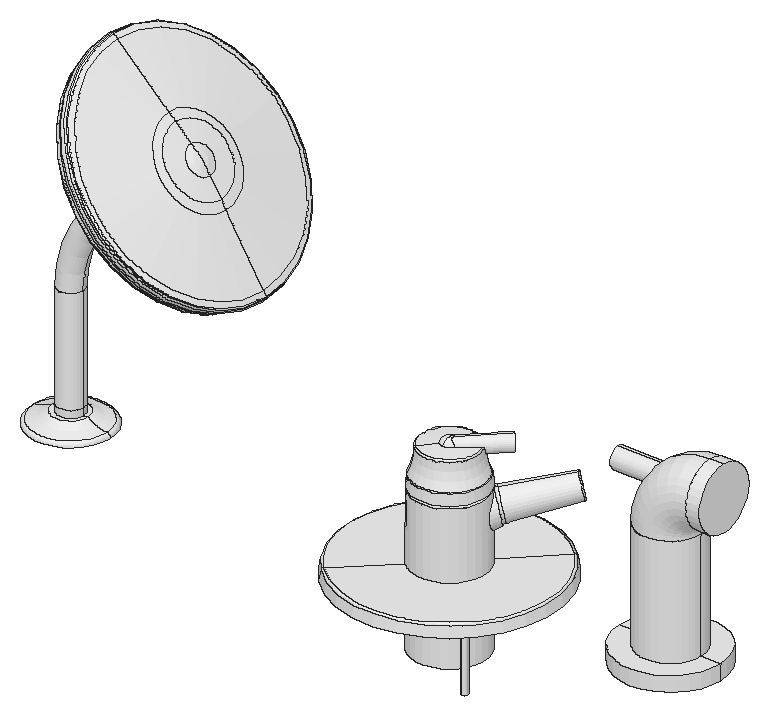
Revit family "Faucet-Delta-TRINSIC-TempAssure_17T_Series_H2Okinetic_Tub_and_Shower_Trim", category Plumbing Fixtures, host Face, Revit 2014
Parameters (values of type "T17T459-H2O")
  Width = 0' - 6 39/64"
  Warranty URL = "http://www.deltafaucet.com/customersupport/warranty.html"
  URL = "http://www.deltafaucet.com/"
  Series = "Trinsic"
  Product Page URL = "http://www.deltafaucet.com/bath/details/t17t459-h2o.html"
  Product Name = "TempAssure 17T Series H2Okinetic Tub and Shower Trim\r\n\r\nRead more: http://www.deltafaucet.com/bath/details/t17t459-h2o.html#ixzz44i7lEKyw"
  Product Documentation Link = "http://www.deltafaucet.com/customersupport/documentation/t17t459-h2o.html?document=ts&fromDetailArea=bath&documentIndex=0#flashWrapper"
  Model = "T17T459-H2O"
  Manufacturer = "DELTA"  # constant formula
  Hot Water Connection = 1/2"
  Height = 0' - 6 39/64"
  HWC R = Hot Water Connection / 2  # 1/4"
  Flow Rate = "2.00 gpm @ 80 psi | 7.6 L/min @ 550 kPa maximum water usage\r\n\r\nRead more: http://www.deltafaucet.com/bath/details/t17t459-h2o.html#ixzz44i7u1Kep"
  Finish = Chrome - DELTA - Polished
  Depth = 0' - 4.95199"
  Default Elevation = 3' - 9 1/4"
  Collection = ""
  Cold Water Connection = 1/2"
  CWC R = Cold Water Connection / 2  # 1/4"
  Actual Valve Water Flow = 0 GPM
  ADA Compliant = yes
Reference planes (in)
  plane 1 "Center (Front/Back)": y = 0
  plane 2: z = 0
  plane 3 "Center (Left/Right)": x = 0
  plane 4: x = -3.30469
  plane 5: x = 3.30469
  plane 6: y = 3.30469
  plane 7: y = -3.30469
  plane 8: z = 4.95199
  plane 9: y = 1.54958
  plane 10: y = -1.20042
  plane 11: x = -1
  plane 12: x = 1
  plane 13: z = -0.25
  plane 14: z = -2.62217
Forms (in)
  Revolve 1, solid, material "Chrome - DELTA - Polished" <- "Finish"
    sketch origin (-0.2917, -0.01173, 0.00583) x (-1, 0, 0) y (0, 0, 1)
      loop
        line (12.10771, 0.43541) -> (12.1147, 0.66) -> (12.1147, 3.975) -> (11.7087, 3.975) -> (11.7087, 0.03) -> (12.09508, 0.03) -> (12.09646, 0.07416) -> (12.95871, 0.07416)
        arc (12.95871, 0.07416) -> (12.92828, 0.16031) -> (12.85041, 0.20812) r 0.13688
        arc (12.85041, 0.20812) -> (12.54755, 0.29839) -> (12.26277, 0.43541) r 1.99273
        line (12.26277, 0.43541) -> (12.10771, 0.43541)
      axis (11.7087, 0.03) -> (11.7087, 3.975)
    angle from 0 to 360
  Sweep 2, solid, material "Chrome - DELTA - Polished" <- "Finish"
    path origin (-0.2917, -0.01173, 0.00583) x (-1, 0, 0) y (0, 0, 1)
      loop
        arc (10.48704, 6.58692) -> (11.38808, 5.4167) -> (11.7087, 3.975) r 3.40418
    profile origin (-12.0004, -0.01173, 3.98083) x (-1, 0, 0.000164) y (0, 1, 0)
      loop
        circle (0, 0) r 0.38712
  Revolve 3, solid, material "Chrome - DELTA - Polished" <- "Finish"
    sketch origin (-0.2917, -0.01173, 0.00583) x (-1, 0, 0) y (0, 0, 1)
      loop
        line (10.05297, 7.8484) -> (10.05053, 7.92056) -> (10.0361, 7.98375) -> (10.03844, 8.2245)
        arc (10.03844, 8.2245) -> (9.94556, 8.41006) -> (9.84448, 8.5913) r 4.64365
        arc (9.84448, 8.5913) -> (9.82684, 8.69693) -> (9.84399, 8.80264) r 0.3297
        arc (9.84399, 8.80264) -> (9.91582, 8.98512) -> (9.98676, 9.16796) r 40.09342
        line (9.98676, 9.16796) -> (10.007, 9.59054)
        arc (10.007, 9.59054) -> (10.03109, 9.71043) -> (10.06844, 9.82687) r 1.09112
        arc (10.06844, 9.82687) -> (10.42869, 10.38998) -> (10.75537, 10.97319) r 11.4199
        line (10.75537, 10.97319) -> (10.76214, 11.01445) -> (10.74061, 11.22135)
        arc (10.74061, 11.22135) -> (10.73191, 11.24999) -> (10.71316, 11.27331) r 0.07872
        line (10.71316, 11.27331) -> (10.58202, 11.38425) -> (10.61949, 11.42902) -> (10.55557, 11.51823)
        arc (10.55557, 11.51823) -> (10.5105, 11.56643) -> (10.45323, 11.5992) r 0.22141
        line (10.45323, 11.5992) -> (10.38172, 11.62854) -> (10.34718, 11.62133) -> (10.21139, 11.51926) -> (8.59145, 10.01202)
        arc (8.59145, 10.01202) -> (8.48027, 9.91744) -> (8.3712, 9.82042) r 6.58673
        arc (8.3712, 9.82042) -> (8.13525, 9.59336) -> (7.91244, 9.35339) r 5.82415
        arc (7.91244, 9.35339) -> (7.71734, 9.21616) -> (7.54989, 9.04627) r 1.32966
        line (7.54989, 9.04627) -> (9.85957, 7.11281) -> (10.07424, 7.36924) -> (9.8906, 7.52333) -> (9.876, 7.55702)
        arc (9.876, 7.55702) -> (9.87227, 7.59067) -> (9.86487, 7.6237) r 0.30888
        line (9.86487, 7.6237) -> (10.05297, 7.8484)
      axis (9.85957, 7.11281) -> (7.54989, 9.04627)
    angle from 0 to 360
  Revolve 4, solid, material "Chrome - DELTA - Polished" <- "Finish"
    sketch origin (-0.2917, -0.01173, 0.00583) x (-1, 0, 0) y (0, 0, 1)
      loop
        line (10.49306, 6.59413) -> (10.74727, 6.89843) -> (10.42322, 7.15254) -> (10.44305, 7.17617)
        arc (10.44305, 7.17617) -> (10.44901, 7.19868) -> (10.43793, 7.21916) r 0.03157
        line (10.43793, 7.21916) -> (10.12089, 7.4845) -> (9.83599, 7.14417) -> (10.49306, 6.59413)
      axis (10.49306, 6.59413) -> (9.83599, 7.14417)
    angle from 0 to 360
  Revolve 5, solid, material "Chrome - DELTA - Polished" <- "Finish"
    sketch origin (-0.20624, -0.20614, 0) x (-0.707107, -0.707107, 0) y (0, 0, 1)
      loop
        line (2.95867, 0) -> (2.90171, 0.32303)
        arc (2.90171, 0.32303) -> (2.88022, 0.36009) -> (2.83996, 0.37471) r 0.06273
        line (2.83996, 0.37471) -> (0.81975, 0.37471) -> (0.80881, 2.46) -> (0.63373, 2.46)
        arc (0.63373, 2.46) -> (0.59836, 2.47465) -> (0.58372, 2.51001) r 0.05001
        line (0.58372, 2.51001) -> (0.58372, 2.54082) -> (0.80547, 2.54082)
        arc (0.80547, 2.54082) -> (0.79243, 2.70506) -> (0.77782, 2.86918) r 17.1603
        arc (0.77782, 2.86918) -> (0.7744, 2.88729) -> (0.7677, 2.90446) r 0.09946
        arc (0.7677, 2.90446) -> (0.63305, 3.27603) -> (0.5884, 3.66871) r 1.68962
        arc (0.5884, 3.66871) -> (0.57863, 3.69501) -> (0.55396, 3.70834) r 0.03984
        arc (0.55396, 3.70834) -> (0.13285, 3.75042) -> (-0.29019, 3.76208) r 5.87566
        line (-0.29019, 3.76208) -> (-0.29019, -2.06898) -> (0.82148, -2.06898) -> (0.82148, 0) -> (2.95867, 0)
      axis (-0.29019, -2.06898) -> (-0.29019, 3.76208)
    angle from 0 to 360
  Revolve 6, solid, material "Chrome - DELTA - Polished" <- "Finish"
    sketch origin (-0.20624, -0.20614, 0) x (-0.707107, -0.707107, 0) y (0, 0, 1)
      loop
        line (-1.48223, 2.41431) -> (-3.49873, 2.70626)
        arc (-3.49873, 2.70626) -> (-3.52085, 2.70109) -> (-3.53407, 2.68263) r 0.03224
        line (-3.53407, 2.68263) -> (-3.60111, 2.32018) -> (-0.92684, 1.80036) -> (-0.92684, 2.46) -> (-1.3892, 2.46)
        arc (-1.3892, 2.46) -> (-1.42878, 2.42303) -> (-1.48223, 2.41431) r 0.09321
      axis (-3.6044, 2.32082) -> (-0.92684, 1.80036)
    angle from 0 to 360
  Sweep 7, solid, material "Chrome - DELTA - Polished" <- "Finish"
    path origin (-0.20624, -0.20614, 0) x (-0.707107, 0.707107, 0) y (-0.707107, -0.707107, 0)
      loop
        line (0, -1.90119) -> (0, -0.29176)
    profile origin (0.56909, 0.56918, 0) x (0.707107, -0.707107, 0) y (0, 0, 1)
      loop
        spline (0.00023, 3.91398) -> (-0.06448, 3.9052) -> (-0.12477, 3.87944) -> (-0.17655, 3.83848) -> (-0.21628, 3.78509) -> (-0.24125, 3.72292) -> (-0.24977, 3.6562) -> (-0.24125, 3.58948) -> (-0.21628, 3.52731) -> (-0.17655, 3.47393) -> (-0.12477, 3.43296) -> (-0.06448, 3.40721) -> (0.00023, 3.39842)
        spline (0.00023, 3.39842) -> (0.06493, 3.40721) -> (0.12523, 3.43296) -> (0.17701, 3.47393) -> (0.21673, 3.52731) -> (0.24171, 3.58948) -> (0.25023, 3.6562) -> (0.24171, 3.72292) -> (0.21673, 3.78509) -> (0.17701, 3.83848) -> (0.12523, 3.87944) -> (0.06493, 3.9052) -> (0.00023, 3.91398)
  Extrusion 8, solid, material "Chrome - DELTA - Polished" <- "Finish"
    sketch origin (0.28184, 0.00622, 0) x (0.000453, -1, 0) y (1, 0.000453, 0)
      loop
        circle (-0.83685, -1.44561) r 0.09389
      loop
        circle (0.83829, 0.86261) r 0.09389
    from -2.62217 to 0
  Revolve 9, solid, material "Chrome - DELTA - Polished" <- "Finish"
    sketch origin (0, 0, 0) x (1, 0, 0) y (0, 0, 1)
      loop
        line (5.40551, 0.47244) -> (5.40551, 0) -> (7, 0) -> (7, 3.93702) -> (6.02558, 3.93702) -> (6.02558, 0.47244) -> (5.40551, 0.47244)
      axis (7, 3.93702) -> (7, 0)
    angle from 0 to 360
  Sweep 10, solid, material "Chrome - DELTA - Polished" <- "Finish"
    path origin (0, 0, 0) x (1, 0, 0) y (0, 0, 1)
      loop
        arc (7, 3.93702) -> (7.36892, 4.82818) -> (8.25998, 5.19735) r 1.25998
        line (8.25998, 5.19735) -> (8.69291, 5.19735)
    profile origin (7, 0, 3.93702) x (-1, 0, -0.000278) y (0, -1, 0)
      loop
        circle (0.0011, 0) r 0.97442
  Revolve 11, solid, material "Chrome - DELTA - Polished" <- "Finish"
    sketch origin (0, 0, 0) x (1, 0, 0) y (0, 0, 1)
      loop
        line (5.34633, 5.51685) -> (5.34633, 5.19685) -> (6.90212, 5.19685) -> (6.90212, 5.51685) -> (5.34633, 5.51685)
      axis (6.90212, 5.19685) -> (5.34633, 5.19685)
    angle from 0 to 360
  Revolve 12, solid, material "Chrome - DELTA - Polished" <- "Finish"
    sketch origin (0.00007, -0.00016, 0) x (0.000414, 1, 0) y (0, 0, 1)
      loop
        arc (0.00016, 3.9127) -> (-0.27461, 3.63793) -> (0.00016, 3.36316) r 0.27477
        line (0.00016, 3.36316) -> (0.00016, 3.9127)
      axis (0.00016, 3.36316) -> (0.00016, 3.9127)
    angle from 0 to 360
Cuts and joins
  joined: Revolve 1, Sweep 2, Revolve 3, Revolve 4
  joined: Revolve 5, Revolve 6
Lines and regions (in)
  Masking region 1, detail levels coarse
    outline origin (0, 0, 0) x (1, 0, 0) y (0, 0, 1)
      loop
        line (3.25099, -0.39408) -> (3.25099, 3.91426) -> (-3.25095, 3.91426) -> (-3.25095, -0.39408) -> (-1.25997, -0.39408) -> (-1.25997, -2.62217) -> (1.53044, -2.62217) -> (1.53044, -0.39408) -> (3.25099, -0.39408)
      loop
        line (-5.78906, 11.62854) -> (-13.25163, 11.62854) -> (-13.25163, 0) -> (-5.78906, 0) -> (-5.78906, 11.62854)
  Masking region 2, detail levels medium+fine
    outline origin (0, 0, 0) x (1, 0, 0) y (0, 0, 1)
      loop
        line (-3.25082, 0) -> (3.25024, 0) -> (3.19328, 0.32303)
        arc (3.19328, 0.32303) -> (3.17179, 0.36009) -> (3.13153, 0.37471) r 0.06273
        line (3.13153, 0.37471) -> (-3.13211, 0.37471)
        arc (-3.13211, 0.37471) -> (-3.17237, 0.36009) -> (-3.19386, 0.32303) r 0.06273
        line (-3.19386, 0.32303) -> (-3.25082, 0)
  Masking region 3, detail levels medium+fine
    outline origin (0, 0, 0) x (1, 0, 0) y (0, 0, 1)
      loop
        line (1.34267, -2.06898) -> (1.34267, 0) -> (-0.82116, 0) -> (-0.82116, -2.06898) -> (1.34267, -2.06898)
  Masking region 4, detail levels medium+fine
    outline origin (0, 0, 0) x (1, 0, 0) y (0, 0, 1)
      loop
        line (1.53044, 0) -> (1.34267, 0) -> (1.34267, -2.62217) -> (1.53044, -2.62217) -> (1.53044, 0)
      loop
        line (-0.77874, -2.62217) -> (-0.77874, -2.06898) -> (-0.82116, -2.06898) -> (-0.82116, 0) -> (-0.96651, 0) -> (-0.96651, -2.62217) -> (-0.77874, -2.62217)
  Masking region 5, detail levels medium+fine
    outline origin (0, 0, 0) x (1, 0, 0) y (0, 0, 1)
      loop
        line (8.69291, 4.22402) -> (8.69291, 6.17187) -> (8.25998, 6.17187)
        arc (8.25998, 6.17187) -> (7.41229, 6.01065) -> (6.69416, 5.53226) r 2.17314
        arc (6.69416, 5.53226) -> (6.67855, 5.52666) -> (6.6628, 5.52146) r 0.66321
        line (6.6628, 5.52146) -> (5.34633, 5.51685) -> (5.34633, 4.87685) -> (6.16843, 4.87685)
        arc (6.16843, 4.87685) -> (6.20348, 4.86102) -> (6.20771, 4.82279) r 0.03883
        arc (6.20771, 4.82279) -> (6.07077, 4.38914) -> (6.02449, 3.93675) r 2.23403
        line (6.02449, 3.93675) -> (6.02449, 0.47244) -> (5.40551, 0.47244) -> (5.40551, 0) -> (8.59449, 0) -> (8.59449, 0.47244) -> (7.97332, 0.47244) -> (7.97332, 3.93737)
        arc (7.97332, 3.93737) -> (8.05728, 4.14006) -> (8.25998, 4.22402) r 0.28666
        line (8.25998, 4.22402) -> (8.69291, 4.22402)
  Masking region 6, detail levels coarse
    outline origin (0, 0, 0) x (1, 0, 0) y (0, 0, 1)
      loop
        line (5.34633, 6.17187) -> (5.34633, 0) -> (8.69291, 0) -> (8.69291, 6.17187) -> (5.34633, 6.17187)
  Masking region 7, detail levels medium+fine
    outline origin (0, 0, 0) x (1, 0, 0) y (0, 0, 1)
      loop
        line (-1.11099, 0.37471) -> (1.10891, 0.37471) -> (1.10891, 1.42885)
        arc (1.10891, 1.42885) -> (1.13853, 1.45765) -> (1.1632, 1.49079) r 0.25883
        line (1.1632, 1.49079) -> (2.45056, 1.93843)
        arc (2.45056, 1.93843) -> (2.47119, 1.94769) -> (2.48988, 1.9604) r 0.12939
        arc (2.48988, 1.9604) -> (2.51105, 1.97902) -> (2.5311, 1.99884) r 0.48247
        arc (2.5311, 1.99884) -> (2.55302, 2.02512) -> (2.57124, 2.05408) r 0.25644
        arc (2.57124, 2.05408) -> (2.58946, 2.09374) -> (2.60246, 2.13541) r 0.34052
        arc (2.60246, 2.13541) -> (2.61351, 2.20662) -> (2.61247, 2.27867) r 0.4283
        arc (2.61247, 2.27867) -> (2.60102, 2.35692) -> (2.58233, 2.43376) r 0.84749
        arc (2.58233, 2.43376) -> (2.5544, 2.50228) -> (2.51321, 2.56376) r 0.36451
        arc (2.51321, 2.56376) -> (2.47455, 2.60695) -> (2.43273, 2.6471) r 0.76401
        arc (2.43273, 2.6471) -> (2.38852, 2.67785) -> (2.3383, 2.69731) r 0.22657
        arc (2.3383, 2.69731) -> (2.29427, 2.70521) -> (2.24957, 2.70663) r 0.30723
        line (2.24957, 2.70663) -> (1.09463, 2.47117) -> (1.09463, 2.54082) -> (1.06845, 2.84424)
        arc (1.06845, 2.84424) -> (1.06244, 2.88376) -> (1.04919, 2.92148) r 0.21427
        arc (1.04919, 2.92148) -> (0.95933, 3.15533) -> (0.9002, 3.39877) r 1.94893
        line (0.9002, 3.39877) -> (1.14014, 3.39877)
        arc (1.14014, 3.39877) -> (1.1824, 3.40537) -> (1.21902, 3.42747) r 0.11087
        arc (1.21902, 3.42747) -> (1.25727, 3.46466) -> (1.2841, 3.51077) r 0.19645
        arc (1.2841, 3.51077) -> (1.29875, 3.55169) -> (1.30949, 3.59381) r 0.46196
        arc (1.30949, 3.59381) -> (1.31571, 3.65508) -> (1.30949, 3.71634) r 0.30451
        arc (1.30949, 3.71634) -> (1.29613, 3.77199) -> (1.2724, 3.82406) r 0.29852
        arc (1.2724, 3.82406) -> (1.24635, 3.85991) -> (1.21342, 3.88956) r 0.21197
        arc (1.21342, 3.88956) -> (1.17778, 3.90772) -> (1.13827, 3.91398) r 0.12786
        line (1.13827, 3.91398) -> (0.00023, 3.91398)
        arc (0.00023, 3.91398) -> (-0.14464, 3.87293) -> (-0.24357, 3.75944) r 0.26428
        arc (-0.24357, 3.75944) -> (-0.54612, 3.74219) -> (-0.84723, 3.70804) r 5.4176
        arc (-0.84723, 3.70804) -> (-0.87129, 3.69453) -> (-0.87991, 3.66832) r 0.03807
        arc (-0.87991, 3.66832) -> (-0.88454, 3.56203) -> (-0.89104, 3.45585) r 6.07442
        arc (-0.89104, 3.45585) -> (-0.95092, 3.18298) -> (-1.04919, 2.92148) r 1.94893
        arc (-1.04919, 2.92148) -> (-1.06244, 2.88376) -> (-1.06845, 2.84424) r 0.21427
        line (-1.06845, 2.84424) -> (-1.09994, 2.47921) -> (-1.11099, 0.37471)
  Masking region 8, detail levels medium+fine
    outline origin (-0.16824, 0, 0) x (1, 0, 0) y (0, 0, 1)
      loop
        line (-10.17797, 7.8484) -> (-9.98987, 7.6237)
        arc (-9.98987, 7.6237) -> (-9.99727, 7.59067) -> (-10.001, 7.55702) r 0.30888
        line (-10.001, 7.55702) -> (-10.0156, 7.52333) -> (-10.16997, 7.3938) -> (-10.24589, 7.4845) -> (-10.56293, 7.21916)
        arc (-10.56293, 7.21916) -> (-10.57401, 7.19868) -> (-10.56805, 7.17617) r 0.03157
        line (-10.56805, 7.17617) -> (-10.54822, 7.15254) -> (-10.87227, 6.89843)
        arc (-10.87227, 6.89843) -> (-11.90463, 5.59979) -> (-12.2397, 3.975) r 3.57529
        line (-12.2397, 3.975) -> (-12.2397, 0.66) -> (-12.23271, 0.43541) -> (-12.38777, 0.43541)
        arc (-12.38777, 0.43541) -> (-12.67255, 0.29839) -> (-12.97541, 0.20812) r 1.99273
        arc (-12.97541, 0.20812) -> (-13.05328, 0.16031) -> (-13.08371, 0.07416) r 0.13688
        line (-13.08371, 0.07416) -> (-12.22146, 0.07416) -> (-12.22008, 0.03) -> (-11.8337, 0.03) -> (-11.44731, 0.03) -> (-11.44593, 0.07416) -> (-10.58368, 0.07416)
        arc (-10.58368, 0.07416) -> (-10.61411, 0.16031) -> (-10.69198, 0.20812) r 0.13688
        arc (-10.69198, 0.20812) -> (-10.99484, 0.29839) -> (-11.27962, 0.43541) r 1.99273
        line (-11.27962, 0.43541) -> (-11.43469, 0.43541) -> (-11.4277, 0.66) -> (-11.4277, 3.975)
        arc (-11.4277, 3.975) -> (-11.15404, 5.23752) -> (-10.38218, 6.27343) r 3.04914
        line (-10.38218, 6.27343) -> (-10.05607, 6.56463) -> (-10.0363, 6.54095)
        arc (-10.0363, 6.54095) -> (-10.01519, 6.53112) -> (-9.99308, 6.53843) r 0.03157
        line (-9.99308, 6.53843) -> (-9.6761, 6.80384) -> (-9.74058, 6.88087) -> (-9.58592, 7.01004) -> (-9.55018, 7.01848)
        arc (-9.55018, 7.01848) -> (-9.5164, 7.01624) -> (-9.48259, 7.0177) r 0.30888
        line (-9.48259, 7.0177) -> (-9.29449, 6.793) -> (-9.22302, 6.78271) -> (-9.15828, 6.7858) -> (-8.9217, 6.74114)
        arc (-8.9217, 6.74114) -> (-8.72268, 6.79992) -> (-8.5265, 6.86753) r 4.64365
        arc (-8.5265, 6.86753) -> (-8.41941, 6.86631) -> (-8.31837, 6.83083) r 0.3297
        arc (-8.31837, 6.83083) -> (-8.15136, 6.72801) -> (-7.98386, 6.62601) r 40.09342
        line (-7.98386, 6.62601) -> (-7.57143, 6.53174)
        arc (-7.57143, 6.53174) -> (-7.45765, 6.48693) -> (-7.3496, 6.42968) r 1.09112
        arc (-7.3496, 6.42968) -> (-6.85866, 5.97597) -> (-6.34202, 5.55177) r 11.4199
        line (-6.34202, 5.55177) -> (-6.3026, 5.53785) -> (-6.09514, 5.52264)
        arc (-6.09514, 5.52264) -> (-6.06542, 5.52616) -> (-6.03916, 5.54053) r 0.07872
        line (-6.03916, 5.54053) -> (-5.90687, 5.6501) -> (-5.8694, 5.60534) -> (-5.77034, 5.65256)
        arc (-5.77034, 5.65256) -> (-5.71496, 5.68844) -> (-5.67262, 5.73905) r 0.22141
        line (-5.67262, 5.73905) -> (-5.63116, 5.80428) -> (-5.63218, 5.83956) -> (-5.70876, 5.99118) -> (-6.90747, 7.85105)
        arc (-6.90747, 7.85105) -> (-6.98101, 7.97714) -> (-7.05733, 8.10157) r 6.58673
        arc (-7.05733, 8.10157) -> (-7.23933, 8.37379) -> (-7.43635, 8.63535) r 5.82415
        arc (-7.43635, 8.63535) -> (-7.53712, 8.85155) -> (-7.67489, 9.04627) r 1.32966
        arc (-7.67489, 9.04627) -> (-7.84234, 9.21616) -> (-8.03744, 9.35339) r 1.32966
        arc (-8.03744, 9.35339) -> (-8.26025, 9.59336) -> (-8.4962, 9.82042) r 5.82415
        arc (-8.4962, 9.82042) -> (-8.60527, 9.91744) -> (-8.71645, 10.01202) r 6.58673
        line (-8.71645, 10.01202) -> (-10.33639, 11.51926) -> (-10.47218, 11.62133) -> (-10.50672, 11.62854) -> (-10.57823, 11.5992)
        arc (-10.57823, 11.5992) -> (-10.6355, 11.56643) -> (-10.68057, 11.51823) r 0.22141
        line (-10.68057, 11.51823) -> (-10.74449, 11.42902) -> (-10.70702, 11.38425) -> (-10.83816, 11.27331)
        arc (-10.83816, 11.27331) -> (-10.85691, 11.24999) -> (-10.86561, 11.22135) r 0.07872
        line (-10.86561, 11.22135) -> (-10.88714, 11.01445) -> (-10.88037, 10.97319)
        arc (-10.88037, 10.97319) -> (-10.55369, 10.38998) -> (-10.19344, 9.82687) r 11.4199
        arc (-10.19344, 9.82687) -> (-10.15609, 9.71043) -> (-10.132, 9.59054) r 1.09112
        line (-10.132, 9.59054) -> (-10.11176, 9.16796)
        arc (-10.11176, 9.16796) -> (-10.04082, 8.98512) -> (-9.96899, 8.80264) r 40.09342
        arc (-9.96899, 8.80264) -> (-9.95184, 8.69693) -> (-9.96948, 8.5913) r 0.3297
        arc (-9.96948, 8.5913) -> (-10.07056, 8.41006) -> (-10.16344, 8.2245) r 4.64365
        line (-10.16344, 8.2245) -> (-10.1611, 7.98375) -> (-10.17553, 7.92056) -> (-10.17797, 7.8484)
  model lines
    curve 1: line (6.02558, 0, 3.93702) -> (7.97442, 0, 3.93702)
    curve 2: line (8.25998, 0, 6.17187) -> (8.25998, 0, 4.22283)
    curve 3: arc (7, 0, 3.93702) -> (7.36892, 0, 4.82818) -> (8.25998, 0, 5.19735) r 1.25998
Dimensions and locks (in)
  equal spacing: plane 6, plane 1 "Center (Front/Back)", plane 7
  equal spacing: plane 4, plane 3 "Center (Left/Right)", plane 5
  "Width": plane 4 to plane 5
  "Height": plane 6 to plane 7
  "Depth": plane 8 to level
  equal spacing: plane 11, plane 3 "Center (Left/Right)", plane 12
  locked: plane 11 to plane 12 at 2
  locked: level to plane 13 at 0.25
  locked: Masking region 6 sketch curve to plane 2 at 6.17187
  Masking region 6 sketch curve to Masking region 6 sketch curve to plane 3 "Center (Left/Right)" = 0' - 3.34658" locked, 0' - 5.34633" locked
  plane 4 to Revolve 1 sketch curve to Revolve 1 sketch curve to Revolve 1 sketch curve to Revolve 1 sketch curve = 0' - 8.69571" locked, 0' - 0" locked, 0' - 0.406" locked, 0' - 0.70714" locked
  Revolve 1 sketch curve to Revolve 1 sketch curve to Revolve 1 sketch curve to Revolve 1 sketch curve to Revolve 1 sketch curve to plane 2 = 0' - 3.53959" locked, 0' - 0.36116" locked, 0' - 0.00009" locked, 0' - 0.04416" locked, 0' - 0.03584" locked
  Revolve 1 sketch curve to Revolve 1 sketch curve to Revolve 1 sketch curve to plane 1 "Center (Front/Back)" = 0' - 0", 0' - 0" locked, 0' - 0 3/256"
  locked: plane 1 "Center (Front/Back)" to cut or joined group of Revolve 1, Sweep 2, Revolve 3, Revolve 4 at 1.23829
  plane 3 "Center (Left/Right)" to Sweep 2 sketch curve to Sweep 2 sketch curve = 0' - 10.77874" locked, 0' - 1.22166" locked
  Sweep 2 sketch curve to Sweep 2 sketch curve to plane 2 = 0' - 2.61192" locked, 0' - 3.98083" locked
  locked: Sweep 2 sketch curve to plane 1 "Center (Front/Back)" at 0.01173
  locked: plane 1 "Center (Front/Back)" to Sweep 2 sketch curve at 0.37539
  locked: Sweep 2 sketch curve to plane 3 "Center (Left/Right)" at 12.0004
  plane 3 "Center (Left/Right)" to Revolve 3 sketch curve to Revolve 3 sketch curve to Revolve 3 sketch curve to Revolve 3 sketch curve to Revolve 3 sketch curve to Revolve 3 sketch curve = 0' - 7.86579" locked, 0' - 2.28549" locked, 0' - 0.12719" locked, 0' - 0.08747" locked, 0' - 0.30749" locked, 0' - 0.20029" locked
  Revolve 3 sketch curve to Revolve 3 sketch curve to Revolve 3 sketch curve to Revolve 3 sketch curve to Revolve 3 sketch curve to Revolve 3 sketch curve to Revolve 3 sketch curve to plane 8 = 0' - 0.24428" locked, 0' - 2.33798" locked, 0' - 0.82178" locked, 0' - 0.6008" locked, 0' - 0.25446" locked, 0' - 0.25643" locked, 0' - 2.16666" locked
  Revolve 3 sketch curve to Revolve 3 sketch curve to Revolve 3 sketch curve to Revolve 3 sketch curve to Revolve 3 sketch curve to plane 1 "Center (Front/Back)" = 0' - 0", 0' - 0", 0' - 0", 0' - 0" locked, 0' - 0 3/256"
  Revolve 3 sketch curve to Revolve 3 sketch curve to Revolve 3 sketch curve to plane 1 "Center (Front/Back)" = 0' - 0", 0' - 0" locked, 0' - 0 3/256"
  Revolve 3 sketch curve to Revolve 3 sketch curve to Revolve 3 sketch curve to Revolve 3 sketch curve to plane 1 "Center (Front/Back)" = 0' - 0", 0' - 0", 0' - 0" locked, 0' - 0 3/256"
  plane 8 to Revolve 4 sketch curve to Revolve 4 sketch curve to Revolve 4 sketch curve to Revolve 4 sketch curve to Revolve 4 sketch curve to Revolve 4 sketch curve = 0' - 1.64798" locked, 0' - 0.3043" locked, 0' - 0.24574" locked, 0' - 0.00837" locked, 0' - 0.06662" locked, 0' - 0.26534" locked
  plane 4 to Revolve 4 sketch curve to Revolve 4 sketch curve to Revolve 4 sketch curve to Revolve 4 sketch curve to Revolve 4 sketch curve to Revolve 4 sketch curve = 0' - 6.82301" locked, 0' - 0.2849" locked, 0' - 0.30233" locked, 0' - 0.01471" locked, 0' - 0.05513" locked, 0' - 0.25422" locked
  Revolve 4 sketch curve to Revolve 4 sketch curve to Revolve 4 sketch curve to Revolve 4 sketch curve to plane 1 "Center (Front/Back)" = 0' - 0", 0' - 0", 0' - 0" locked, 0' - 0 3/256"
  locked: Revolve 4 sketch curve to plane 1 "Center (Front/Back)" at 0.01173
  locked: Revolve 3 sketch curve to plane 1 "Center (Front/Back)" at 0.01173
  plane 3 "Center (Left/Right)" to Revolve 5 sketch curve to Revolve 5 sketch curve to Revolve 5 sketch curve to Revolve 5 sketch curve to Revolve 5 sketch curve to Revolve 5 sketch curve to Revolve 5 sketch curve = 0' - 0.00104", 0' - 0" locked, 0' - 0.77711" locked, 0' - 0.00774" locked, 0' - 0.00122" locked, 0' - 1.42728" locked, 0' - 0.08394" locked
  locked: Revolve 5 sketch curve to plane 3 "Center (Left/Right)" at 0.00104
  locked: plane 1 "Center (Front/Back)" to cut or joined group of Revolve 5, Revolve 6 at 3.24792
  Revolve 5 sketch curve to Revolve 5 sketch curve to Revolve 5 sketch curve to plane 2 = 0' - 0.09321" locked, 0' - 3.29416" locked, 0' - 0.37471" locked
  Revolve 6 sketch curve to Revolve 6 sketch curve to Revolve 6 sketch curve to Revolve 6 sketch curve to plane 3 "Center (Left/Right)" = 0' - 0.06943" locked, 0' - 1.43759" locked, 0' - 0.38398" locked, 0' - 0.44914" locked
  plane 8 to Revolve 6 sketch curve to Revolve 6 sketch curve to Revolve 6 sketch curve to Revolve 6 sketch curve = 0' - 2.2777" locked, 0' - 0.21429" locked, 0' - 0.13982" locked, 0' - 0.51983" locked
  plane 3 "Center (Left/Right)" to Revolve 6 sketch curve to Revolve 6 sketch curve = 0' - 0.27561" locked, 0' - 0.17353" locked
  plane 1 "Center (Front/Back)" to Revolve 6 sketch curve to Revolve 6 sketch curve = 0' - 0.2757" locked, 0' - 0.17353" locked
  plane 3 "Center (Left/Right)" to Sweep 7 sketch curve to Sweep 7 sketch curve = 0' - 0.00007" locked, 0' - 1.13804" locked
  plane 1 "Center (Front/Back)" to Sweep 7 sketch curve to Sweep 7 sketch curve = 0' - 0.00016" locked, 0' - 1.13804" locked
  locked: Sweep 7 sketch curve to plane 3 "Center (Left/Right)" at 0.56925
  locked: plane 8 to Sweep 7 sketch curve at 1.29579
  Extrusion 8 sketch curve to plane 11 to Extrusion 8 sketch curve = 0' - 0.07026" locked, 0' - 2.05094" locked
  Extrusion 8 sketch curve to plane 1 "Center (Front/Back)" to Extrusion 8 sketch curve = 0' - 0.73779" locked, 0' - 0.74854" locked
  locked: plane 2 to plane 14 at 2.62217
  Revolve 9 sketch curve to Revolve 9 sketch curve to Revolve 9 sketch curve to Revolve 9 sketch curve to plane 5 = 0' - 0" locked, 0' - 0.97442" locked, 0' - 0.62007" locked, 0' - 2.10082" locked
  Revolve 9 sketch curve to Revolve 9 sketch curve to plane 2 = 0' - 3.46458" locked, 0' - 0.47244" locked
  Sweep 10 sketch curve to plane 8 to Sweep 10 sketch curve = 0' - 0.24536" locked, 0' - 1.01497" locked
  Sweep 10 sketch curve to Sweep 10 sketch curve to Sweep 10 sketch curve to plane 5 = 0' - 0.43293" locked, 0' - 1.25998" locked, 0' - 3 89/128" locked
  locked: plane 1 "Center (Front/Back)" to Sweep 10 sketch curve at 0
  locked: plane 5 to Sweep 10 sketch curve at 3.69422
  Revolve 11 sketch curve to Revolve 11 sketch curve to plane 8 = 0' - 0.32" locked, 0' - 0.24486" locked
  Revolve 11 sketch curve to Revolve 11 sketch curve to plane 5 = 0' - 1.55579" locked, 0' - 2.04164" locked
  locked: Revolve 12 sketch curve to Revolve 12 sketch curve at 0
  locked: plane 8 to Revolve 12 sketch curve at 1.31406
  Revolve 12 sketch curve to Revolve 12 sketch curve to plane 3 "Center (Left/Right)" = 0' - 0" locked, 0' - 0.00007" locked
  locked: Revolve 12 sketch curve to plane 1 "Center (Front/Back)" at 0.27477
  plane 8 to Revolve 12 sketch curve = 0' - 1.31406"
  diameter of Extrusion 8 sketch curve = 0' - 0.18777"  (x2)
  aligned and locked: plane 2 to host face
  aligned and locked: level to host face
  aligned and locked: plane 2 to Masking region 6 sketch curve
  aligned and locked: Revolve 5 sketch curve to plane 2
  aligned and locked: plane 2 to Sweep 7 sketch curve
  aligned and locked: Extrusion 8 to plane 14
  aligned and locked: level to Extrusion 8
  aligned and locked: plane 2 to Revolve 9 sketch curve
  aligned and locked: plane 1 "Center (Front/Back)" to Revolve 9 sketch curve
  aligned and locked: Revolve 9 sketch curve to plane 1 "Center (Front/Back)"  (x2)
  aligned and locked: plane 1 "Center (Front/Back)" to Sweep 10 sketch curve  (x2)
  aligned and locked: Revolve 11 sketch curve to plane 1 "Center (Front/Back)"
  aligned and locked: plane 1 "Center (Front/Back)" to Revolve 11 sketch curve
  aligned and locked: plane 1 "Center (Front/Back)" to Revolve 12 sketch curve
Automatic sketch dimensions
  host sketch curve to host sketch curve = 8' - 0"  (x2)
  Revolve 1 sketch curve to Revolve 1 sketch curve = 0' - 0.38638"
  Revolve 1 sketch curve to Revolve 1 sketch curve = 0' - 0.00138"
  Revolve 1 sketch curve to Revolve 1 sketch curve = 0' - 0.01125"
  Revolve 1 sketch curve to Revolve 1 sketch curve = 0' - 0.15506"
  Revolve 1 sketch curve to Revolve 1 sketch curve = 0' - 0.13688"
  Revolve 1 sketch curve to Revolve 1 sketch curve = 0' - 1.15173"
  Revolve 1 sketch curve to Revolve 1 sketch curve = 0' - 0.22459"
  Revolve 1 sketch curve to Revolve 1 sketch curve = 0' - 1.49694"
  Revolve 1 sketch curve to Revolve 1 sketch curve = 0' - 0"
  Revolve 1 sketch curve to Revolve 1 sketch curve = 0' - 0.441"
  Sweep 2 sketch curve to plane 8 = 0' - 0.97171"
  Sweep 2 sketch curve to profile plane = 0' - 0"  (x2)
  plane 5 to Revolve 3 sketch curve = 1' - 11.83086"
  plane 11 to Revolve 3 sketch curve = 0' - 0.07535"
  plane 8 to Revolve 3 sketch curve = 0' - 1.29321"
  Revolve 3 sketch curve to Revolve 3 sketch curve = 0' - 1.7094"
  Revolve 3 sketch curve to Revolve 3 sketch curve = 0' - 1.04156"
  Revolve 3 sketch curve to Revolve 3 sketch curve = 0' - 0.99081"
  Revolve 3 sketch curve to Revolve 3 sketch curve = 0' - 0.29197"
  plane 8 to Revolve 3 sketch curve = 0' - 2.61087"
  Revolve 3 sketch curve to Revolve 3 sketch curve = 0' - 0.01113"
  plane 8 to Revolve 3 sketch curve = 0' - 2.57718"
  Revolve 3 sketch curve to Revolve 3 sketch curve = 0' - 0.0146"
  plane 8 to Revolve 3 sketch curve = 0' - 4.22181"
  Revolve 3 sketch curve to Revolve 3 sketch curve = 0' - 0.12189"
  plane 8 to Revolve 3 sketch curve = 0' - 4.64439"
  Revolve 3 sketch curve to Revolve 3 sketch curve = 0' - 0.02024"
  plane 8 to Revolve 3 sketch curve = 0' - 3.0376"
  Revolve 3 sketch curve to Revolve 3 sketch curve = 0' - 0.17123"
  Revolve 3 sketch curve to Revolve 3 sketch curve = 0' - 0.00234"
  plane 8 to Revolve 3 sketch curve = 0' - 2.97441"
  Revolve 3 sketch curve to Revolve 3 sketch curve = 0' - 0.01443"
  plane 8 to Revolve 3 sketch curve = 0' - 2.90224"
  Revolve 3 sketch curve to Revolve 3 sketch curve = 0' - 0.00244"
  Revolve 3 sketch curve to Revolve 3 sketch curve = 0' - 0.1181"
  Revolve 3 sketch curve to Revolve 3 sketch curve = 0' - 0.13578"
  Revolve 3 sketch curve to Revolve 3 sketch curve = 0' - 0.03455"
  Revolve 3 sketch curve to Revolve 3 sketch curve = 0' - 0.07151"
  Revolve 3 sketch curve to Revolve 3 sketch curve = 0' - 0.02645"
  Revolve 3 sketch curve to Revolve 3 sketch curve = 0' - 0.03747"
  Revolve 3 sketch curve to Revolve 3 sketch curve = 0' - 0.08029"
  Revolve 3 sketch curve to Revolve 3 sketch curve = 0' - 0.05085"
  Revolve 3 sketch curve to Revolve 3 sketch curve = 0' - 0.02745"
  plane 8 to Revolve 3 sketch curve = 0' - 6.02704"
  Revolve 3 sketch curve to Revolve 3 sketch curve = 0' - 0.01476"
  Revolve 3 sketch curve to Revolve 3 sketch curve = 0' - 0.00677"
  Revolve 3 sketch curve to Revolve 3 sketch curve = 0' - 1.0801"
  plane 8 to Revolve 3 sketch curve = 0' - 0.56583"
  Revolve 3 sketch curve to Revolve 3 sketch curve = 0' - 2.2159"
  plane 8 to Revolve 3 sketch curve = 0' - 0.00171"
  Revolve 3 sketch curve to Revolve 3 sketch curve = 0' - 0.51312"
  Revolve 3 sketch curve to Revolve 3 sketch curve = 0' - 0.6618"
  Revolve 3 sketch curve to Revolve 3 sketch curve = 0' - 0.4732"
  Revolve 3 sketch curve to Revolve 3 sketch curve = 0' - 0.15466"
  Revolve 3 sketch curve to Revolve 3 sketch curve = 0' - 0.96574"
  Revolve 3 sketch curve to Revolve 3 sketch curve = 0' - 0.04126"
  Revolve 3 sketch curve to Revolve 3 sketch curve = 0' - 0.00815"
  Revolve 3 sketch curve to Revolve 3 sketch curve = 0' - 0.11095"
  Revolve 3 sketch curve to Revolve 3 sketch curve = 0' - 0.00855"
  Revolve 3 sketch curve to Revolve 3 sketch curve = 0' - 0.04476"
  Revolve 3 sketch curve to Revolve 3 sketch curve = 0' - 0.08921"
  Revolve 3 sketch curve to Revolve 3 sketch curve = 0' - 0.12647"
  Revolve 3 sketch curve to Revolve 3 sketch curve = 0' - 0.02212"
  Revolve 3 sketch curve to Revolve 3 sketch curve = 0' - 0.00721"
  Revolve 3 sketch curve to Revolve 3 sketch curve = 0' - 7.21376"
  plane 8 to Revolve 3 sketch curve = 1' - 6.63271"
  Revolve 3 sketch curve to Revolve 3 sketch curve = 0' - 0.16751"
  Revolve 3 sketch curve to Revolve 3 sketch curve = 0' - 0.33835"
  Revolve 3 sketch curve to Revolve 3 sketch curve = 0' - 0.31255"
  Revolve 3 sketch curve to Revolve 3 sketch curve = 0' - 0.02025"
  Revolve 3 sketch curve to Revolve 3 sketch curve = 0' - 0.14022"
  Revolve 4 sketch curve to Revolve 4 sketch curve = 0' - 0.00556"
  plane 8 to Revolve 4 sketch curve = 0' - 2.23002"
  Revolve 4 sketch curve to Revolve 4 sketch curve = 0' - 0.01983"
  plane 8 to Revolve 4 sketch curve = 0' - 2.2661"
  Revolve 4 sketch curve to Revolve 4 sketch curve = 0' - 0.08133"
  plane 8 to Revolve 4 sketch curve = 0' - 2.17333"
  Revolve 4 sketch curve to Revolve 4 sketch curve = 0' - 0.02949"
  Masking region 2 sketch curve to level = 0' - 0"
  plane 4 to Masking region 2 sketch curve = 0' - 0.05386"
  Masking region 2 sketch curve to Masking region 2 sketch curve = 0' - 0.05696"
  Masking region 2 sketch curve to Masking region 2 sketch curve = 0' - 0.06175"  (x2)
  Masking region 2 sketch curve to plane 5 = 0' - 0.17316"
  Masking region 2 sketch curve to plane 5 = 0' - 0.05445"
  level to Masking region 2 sketch curve = 0' - 0.31198"
  Masking region 2 sketch curve to Masking region 2 sketch curve = 0' - 0.01106"  (x2)
  Masking region 4 sketch curve to level = 0' - 0"  (x2)
  plane 11 to Masking region 4 sketch curve = 0' - 0.03349"
  Masking region 4 sketch curve to Masking region 4 sketch curve = 0' - 0.18777"  (x2)
  Masking region 4 sketch curve to plane 12 = 0' - 0.34267"
  Masking region 4 sketch curve to Masking region 4 sketch curve = 0' - 0"
  Masking region 4 sketch curve to Masking region 4 sketch curve = 0' - 0.04242"
  Masking region 4 sketch curve to Masking region 4 sketch curve = 0' - 0.55319"
  Masking region 4 sketch curve to level = 0' - 2.06898"
  Masking region 3 sketch curve to level = 0' - 0"
  plane 11 to Masking region 3 sketch curve = 0' - 0.17884"
  Masking region 3 sketch curve to plane 12 = 0' - 0.34267"
  Masking region 3 sketch curve to plane 13 = 0' - 1.81898"
  Revolve 9 sketch curve to level = 0' - 0"
  Revolve 9 sketch curve to plane 13 = 0' - 0 1/4"
  curve 3 to plane 8 = 0' - 1.01462"
  plane 5 to curve 3 = 0' - 4.95529"
  curve 1 to curve 3 = 0' - 0.28556"
  curve 3 to curve 1 = 0' - 0.97442"
  curve 1 to curve 3 = 0' - 0.97442"
  curve 1 to plane 8 = 0' - 1.01497"
  curve 3 to curve 2 = 0' - 0.28546"
  curve 3 to curve 2 = 0' - 0.97452"
  Sweep 10 sketch curve to profile plane = 0' - 0.0011"
  profile plane to Sweep 10 sketch curve = 0' - 0.97332"
  Revolve 11 sketch curve to Revolve 11 sketch curve = 0' - 0.1094"
  Revolve 11 sketch curve to Revolve 11 sketch curve = 0' - 0"  (x2)
  Masking region 5 sketch curve to level = 0' - 0"
  plane 8 to Masking region 5 sketch curve = 0' - 0.56486"
  plane 5 to Masking region 5 sketch curve = 0' - 2.04164"
  plane 5 to Masking region 5 sketch curve = 0' - 2.10082"
  Masking region 5 sketch curve to Masking region 5 sketch curve = 0' - 0.67816"
  Masking region 5 sketch curve to plane 8 = 0' - 0.11379"
  Masking region 5 sketch curve to Masking region 5 sketch curve = 0' - 0.82574"
  Masking region 5 sketch curve to Masking region 5 sketch curve = 0' - 1.1163"
  plane 8 to Masking region 5 sketch curve = 0' - 0.56947"
  Masking region 5 sketch curve to Masking region 5 sketch curve = 0' - 0.20017"
  level to Masking region 5 sketch curve = 0' - 0.47244"
  Masking region 5 sketch curve to Masking region 5 sketch curve = 0' - 0.26075"
  Masking region 5 sketch curve to Masking region 5 sketch curve = 0' - 0.02444"
  Masking region 5 sketch curve to Masking region 5 sketch curve = 0' - 0.02591"
  Masking region 5 sketch curve to Masking region 5 sketch curve = 0' - 1.59718"
  Masking region 5 sketch curve to Masking region 5 sketch curve = 0' - 0.62117"
  Masking region 5 sketch curve to Masking region 5 sketch curve = 0' - 0.43293"
  Masking region 5 sketch curve to Masking region 5 sketch curve = 0' - 0.47244"
  Masking region 5 sketch curve to Masking region 5 sketch curve = 0' - 0.90145"
  Masking region 5 sketch curve to Masking region 5 sketch curve = 0' - 0.00062"
  Masking region 5 sketch curve to Masking region 5 sketch curve = 0' - 0.06151"
  Masking region 5 sketch curve to Masking region 5 sketch curve = 0' - 0.63228"
  plane 8 to Masking region 5 sketch curve = 0' - 1.21988"
  Masking region 5 sketch curve to Masking region 5 sketch curve = 0' - 0.00363"
  Masking region 5 sketch curve to Masking region 5 sketch curve = 0' - 0"
  Masking region 5 sketch curve to plane 8 = 0' - 0.07513"
  Revolve 5 sketch curve to level = 0' - 0"
  level to Revolve 5 sketch curve = 0' - 1.26481"
  Revolve 5 sketch curve to plane 13 = 0' - 1.81898"
  Revolve 5 sketch curve to Revolve 5 sketch curve = 1' - 4.01713"
  Revolve 5 sketch curve to Revolve 5 sketch curve = 0' - 0.04974"
  Revolve 5 sketch curve to Revolve 5 sketch curve = 0' - 0.83876"
  Revolve 5 sketch curve to Revolve 5 sketch curve = 0' - 0 9/256"
  Revolve 5 sketch curve to Revolve 5 sketch curve = 0' - 0.05001"
  Revolve 5 sketch curve to Revolve 5 sketch curve = 0' - 0.09508"
  Revolve 5 sketch curve to Revolve 5 sketch curve = 0' - 0.17174"
  level to Revolve 5 sketch curve = 0' - 2.46"
  Revolve 5 sketch curve to Revolve 5 sketch curve = 0' - 0.00334"
  level to Revolve 5 sketch curve = 0' - 0.37471"
  Revolve 5 sketch curve to Revolve 5 sketch curve = 0' - 0.01094"
  Revolve 5 sketch curve to Revolve 5 sketch curve = 0' - 0.00173"
  Revolve 5 sketch curve to Revolve 5 sketch curve = 0' - 1.72944"
  level to Revolve 5 sketch curve = 0' - 0.31198"
  Revolve 5 sketch curve to Revolve 5 sketch curve = 0' - 2.02021"
  level to Revolve 5 sketch curve = 0' - 0.32303"
  Revolve 5 sketch curve to Revolve 5 sketch curve = 0' - 0.05696"
  Revolve 5 sketch curve to Revolve 5 sketch curve = 0' - 0.04439"
  Revolve 5 sketch curve to Revolve 5 sketch curve = 0' - 0.0308"
  Revolve 5 sketch curve to Revolve 5 sketch curve = 0' - 0.31906"
  Revolve 5 sketch curve to plane 8 = 0' - 1.29005"
  Revolve 5 sketch curve to Revolve 5 sketch curve = 0' - 0.80899"
  Revolve 5 sketch curve to Revolve 5 sketch curve = 0' - 0.09321"
  Revolve 5 sketch curve to Revolve 5 sketch curve = 0' - 0"  (x4)
  Revolve 5 sketch curve to Revolve 5 sketch curve = 0' - 0.08926"
  Revolve 5 sketch curve to plane 8 = 0' - 0.58898"
  level to Revolve 6 sketch curve = 0' - 2.32018"
  Revolve 6 sketch curve to plane 8 = 0' - 2.26935"
  Revolve 6 sketch curve to Revolve 6 sketch curve = 0' - 0.06704"
  Revolve 6 sketch curve to Revolve 6 sketch curve = 0' - 0.03114"
  Revolve 6 sketch curve to plane 8 = 0' - 2.24573"
  Revolve 6 sketch curve to Revolve 6 sketch curve = 0' - 0.00419"
  level to Revolve 6 sketch curve = 0' - 2.41431"
  Revolve 6 sketch curve to Revolve 6 sketch curve = 0' - 2.0207"
  Revolve 6 sketch curve to Revolve 6 sketch curve = 0' - 0.01236"
  Revolve 6 sketch curve to Revolve 6 sketch curve = 0' - 0.08067"
  level to Revolve 6 sketch curve = 0' - 1.80036"  (x2)
  Revolve 6 sketch curve to Revolve 6 sketch curve = 0' - 0.46236"
  Revolve 6 sketch curve to Revolve 6 sketch curve = 0' - 0.04569"
  Revolve 6 sketch curve to Revolve 6 sketch curve = 0' - 0"
  level to Revolve 6 sketch curve = 0' - 1.75265"
  Revolve 6 sketch curve to Revolve 6 sketch curve = 0' - 0.24541"
  Sweep 7 sketch curve to profile plane = 0' - 0.00023"
  level to Sweep 7 sketch curve = 0' - 3.6562"
  Sweep 7 sketch curve to Sweep 7 sketch curve = 0' - 0.25778"
  Revolve 12 sketch curve to Revolve 12 sketch curve = 0' - 0.27477"
  Revolve 12 sketch curve to Revolve 12 sketch curve = 0' - 0"
  Revolve 12 sketch curve to Revolve 12 sketch curve = 0' - 0.05441"
  Masking region 1 sketch curve to level = 0' - 0"
  Masking region 1 sketch curve to plane 4 = 0' - 9.94694"
  Masking region 1 sketch curve to plane 4 = 0' - 2 31/64"
  plane 4 to Masking region 1 sketch curve = 0' - 0.05374"
  Masking region 1 sketch curve to plane 11 = 0' - 0.25997"
  Masking region 1 sketch curve to plane 13 = 0' - 0.14408"  (x2)
  Masking region 1 sketch curve to plane 12 = 0' - 0.53044"
  Masking region 1 sketch curve to plane 5 = 0' - 0.0537"
  Masking region 1 sketch curve to Masking region 1 sketch curve = 0' - 2.2281"
  Masking region 1 sketch curve to plane 8 = 0' - 1.03772"
  plane 8 to Masking region 1 sketch curve = 0' - 6.67655"
  Masking region 7 sketch curve to plane 8 = 0' - 1.07204"
  plane 4 to Masking region 7 sketch curve = 0' - 0.48497"
  Masking region 7 sketch curve to plane 11 = 0' - 0.11099"
  Masking region 7 sketch curve to plane 11 = 0' - 0.09994"
  Masking region 7 sketch curve to plane 11 = 0' - 0.06845"
  plane 11 to Masking region 7 sketch curve = 0' - 0.14547"
  plane 11 to Masking region 7 sketch curve = 0' - 0.15811"
  Masking region 7 sketch curve to plane 3 "Center (Left/Right)" = 0' - 0.08657"
  Masking region 7 sketch curve to plane 3 "Center (Left/Right)" = 0' - 0.00315"
  plane 3 "Center (Left/Right)" to Masking region 7 sketch curve = 0' - 0.00023"
  plane 12 to Masking region 7 sketch curve = 0' - 0.14547"
  plane 12 to Masking region 7 sketch curve = 0' - 0.14302"
  plane 12 to Masking region 7 sketch curve = 0' - 0.0998"
  plane 12 to Masking region 7 sketch curve = 0' - 0.05611"
  Masking region 7 sketch curve to plane 12 = 0' - 0.0112"
  Masking region 7 sketch curve to plane 12 = 0' - 0.01387"
  Masking region 7 sketch curve to plane 12 = 0' - 0.06845"
  Masking region 7 sketch curve to Masking region 7 sketch curve = 0' - 0.07496"
  Masking region 7 sketch curve to plane 12 = 0' - 0.09463"
  Masking region 7 sketch curve to plane 12 = 0' - 0.10246"
  Masking region 7 sketch curve to plane 12 = 0' - 0.10891"
  Masking region 7 sketch curve to Masking region 7 sketch curve = 0' - 0.04944"
  Masking region 7 sketch curve to plane 12 = 0' - 0.14014"
  Masking region 7 sketch curve to Masking region 7 sketch curve = 0' - 0.04202"
  Masking region 7 sketch curve to Masking region 7 sketch curve = 0' - 0.05429"
  Masking region 7 sketch curve to Masking region 7 sketch curve = 0' - 0.67448"
  Masking region 7 sketch curve to Masking region 7 sketch curve = 0' - 0.15586"
  Masking region 7 sketch curve to Masking region 7 sketch curve = 0' - 0.25704"
  Masking region 7 sketch curve to Masking region 7 sketch curve = 0' - 0.00424"
  Masking region 7 sketch curve to Masking region 7 sketch curve = 0' - 0.05055"
  Masking region 7 sketch curve to Masking region 7 sketch curve = 0' - 0.01701"
  Masking region 7 sketch curve to Masking region 7 sketch curve = 0' - 0.0296"
  Masking region 7 sketch curve to Masking region 7 sketch curve = 0' - 0.0853"
  Masking region 7 sketch curve to Masking region 7 sketch curve = 0' - 0.01999"
  Masking region 7 sketch curve to Masking region 7 sketch curve = 0' - 0.074"
  Masking region 7 sketch curve to Masking region 7 sketch curve = 0' - 0 1/16"
  Masking region 7 sketch curve to Masking region 7 sketch curve = 0' - 0.04249"
  Masking region 7 sketch curve to plane 5 = 0' - 0.48497"
  Masking region 7 sketch curve to plane 8 = 0' - 1.16587"
  Masking region 7 sketch curve to plane 8 = 0' - 1.21594"  (x2)
  Masking region 7 sketch curve to Masking region 7 sketch curve = 0' - 0.06805"
  Masking region 7 sketch curve to Masking region 7 sketch curve = 0' - 0.03132"
  Masking region 7 sketch curve to Masking region 7 sketch curve = 0' - 0.04328"
  Masking region 7 sketch curve to plane 8 = 0' - 1.28164"
  Masking region 7 sketch curve to Masking region 7 sketch curve = 0' - 0.01972"
  Masking region 7 sketch curve to Masking region 7 sketch curve = 0' - 0.02062"
  Masking region 7 sketch curve to Masking region 7 sketch curve = 0' - 0.06946"
  Masking region 7 sketch curve to Masking region 7 sketch curve = 0' - 0.07605"
  Masking region 7 sketch curve to Masking region 7 sketch curve = 0' - 0.11079"
  Masking region 7 sketch curve to Masking region 7 sketch curve = 0' - 0.82611"
  Masking region 7 sketch curve to Masking region 7 sketch curve = 0' - 0.55453"
  Masking region 7 sketch curve to Masking region 7 sketch curve = 0' - 0.01231"  (x2)
  Masking region 7 sketch curve to Masking region 7 sketch curve = 0' - 1.02942"
  Masking region 7 sketch curve to Masking region 7 sketch curve = 0' - 0.30342"
  Masking region 7 sketch curve to Masking region 7 sketch curve = 0' - 0.36503"
  Masking region 7 sketch curve to Masking region 7 sketch curve = 0' - 0.22883"
  Masking region 7 sketch curve to Masking region 7 sketch curve = 0' - 0.06965"
  Masking region 7 sketch curve to Masking region 7 sketch curve = 0' - 0.07815"
  Masking region 7 sketch curve to Masking region 7 sketch curve = 0' - 0.06778"
  Masking region 7 sketch curve to Masking region 7 sketch curve = 0' - 0.00071"
  Masking region 7 sketch curve to Masking region 7 sketch curve = 0' - 0.09538"
  Masking region 7 sketch curve to Masking region 7 sketch curve = 0' - 0.02072"
  Masking region 7 sketch curve to Masking region 7 sketch curve = 0' - 0.04128"
  Masking region 7 sketch curve to Masking region 7 sketch curve = 0' - 0.03993"
  Masking region 7 sketch curve to Masking region 7 sketch curve = 0' - 0.11898"
  Masking region 7 sketch curve to Masking region 7 sketch curve = 0' - 0.11521"
  Masking region 7 sketch curve to Masking region 7 sketch curve = 0' - 0.12221"
  Masking region 7 sketch curve to Masking region 7 sketch curve = 0' - 0.84292"
  Masking region 7 sketch curve to Masking region 7 sketch curve = 0' - 0.13746"
  level to Masking region 7 sketch curve = 0' - 0.37471"
  Masking region 7 sketch curve to Masking region 7 sketch curve = 0' - 0.26426"
  Masking region 7 sketch curve to Masking region 7 sketch curve = 0' - 0"  (x13)
  plane 11 to Masking region 7 sketch curve = 0' - 0.10896"
  Masking region 7 sketch curve to Masking region 7 sketch curve = 0' - 0.03802"
  Masking region 7 sketch curve to Masking region 7 sketch curve = 0' - 0.00535"
  Masking region 7 sketch curve to plane 3 "Center (Left/Right)" = 0' - 0.24357"
  Masking region 7 sketch curve to Masking region 7 sketch curve = 0' - 0.07888"
  Masking region 7 sketch curve to Masking region 7 sketch curve = 0' - 0.03932"
  level to Masking region 8 sketch curve = 0' - 2.15694"
  Masking region 8 sketch curve to plane 4 = 0' - 10.25497"
  level to Masking region 8 sketch curve = 0' - 0.07416"  (x2)
  Masking region 8 sketch curve to Masking region 8 sketch curve = 0' - 0.30771"
  Masking region 8 sketch curve to Masking region 8 sketch curve = 0' - 0.13688"  (x2)
  Masking region 8 sketch curve to plane 8 = 0' - 0.00413"
  Masking region 8 sketch curve to Masking region 8 sketch curve = 0' - 0.46317"
  Masking region 8 sketch curve to Masking region 8 sketch curve = 0' - 0.29458"
  plane 8 to Masking region 8 sketch curve = 0' - 0.56"
  Masking region 8 sketch curve to Masking region 8 sketch curve = 0' - 0.51312"
  Masking region 8 sketch curve to Masking region 8 sketch curve = 0' - 0.55907"  (x2)
  level to Masking region 8 sketch curve = 0' - 0.66"
  Masking region 8 sketch curve to Masking region 8 sketch curve = 0' - 0.14807"
  Masking region 8 sketch curve to Masking region 8 sketch curve = 0' - 0.15506"  (x2)
  Masking region 8 sketch curve to Masking region 8 sketch curve = 0' - 0.01125"  (x2)
  level to Masking region 8 sketch curve = 0' - 0.03"
  Masking region 8 sketch curve to Masking region 8 sketch curve = 0' - 0.00138"  (x2)
  plane 8 to Masking region 8 sketch curve = 0' - 0.04984"
  Masking region 8 sketch curve to Masking region 8 sketch curve = 0' - 0.42706"
  Masking region 8 sketch curve to Masking region 8 sketch curve = 0' - 0.38638"  (x2)
  Masking region 8 sketch curve to Masking region 8 sketch curve = 0' - 0.812"
  Masking region 8 sketch curve to Masking region 8 sketch curve = 0' - 1.20304"
  Masking region 8 sketch curve to Masking region 8 sketch curve = 0' - 0.32496"
  Masking region 8 sketch curve to Masking region 8 sketch curve = 0' - 0.00677"
  plane 8 to Masking region 8 sketch curve = 0' - 1.94644"
  Masking region 8 sketch curve to Masking region 8 sketch curve = 0' - 1.54286"
  Masking region 8 sketch curve to Masking region 8 sketch curve = 0' - 0.02153"
  Masking region 8 sketch curve to Masking region 8 sketch curve = 0' - 0.02745"
  Masking region 8 sketch curve to Masking region 8 sketch curve = 0' - 0.05085"
  Masking region 8 sketch curve to Masking region 8 sketch curve = 0' - 0.09367"
  level to Masking region 8 sketch curve = 0' - 0.07426"  (x2)
  Masking region 8 sketch curve to Masking region 8 sketch curve = 0' - 0.03747"  (x2)
  Masking region 8 sketch curve to Masking region 8 sketch curve = 0' - 0.06392"
  Masking region 8 sketch curve to Masking region 8 sketch curve = 0' - 0.10234"
  plane 8 to Masking region 8 sketch curve = 0' - 2.22419"
  Masking region 8 sketch curve to Masking region 8 sketch curve = 0' - 0.30422"
  plane 8 to Masking region 8 sketch curve = 0' - 2.26717"
  Masking region 8 sketch curve to Masking region 8 sketch curve = 0' - 0.00512"
  plane 8 to Masking region 8 sketch curve = 0' - 2.20055"
  Masking region 8 sketch curve to Masking region 8 sketch curve = 0' - 0.01983"
  Masking region 8 sketch curve to Masking region 8 sketch curve = 0' - 0.02539"
  Masking region 8 sketch curve to Masking region 8 sketch curve = 0' - 0.07151"
  Masking region 8 sketch curve to Masking region 8 sketch curve = 0' - 0.2089"
  Masking region 8 sketch curve to Masking region 8 sketch curve = 0' - 0.03455"
  plane 8 to Masking region 8 sketch curve = 0' - 1.32144"
  Masking region 8 sketch curve to Masking region 8 sketch curve = 0' - 0.4901"
  Masking region 8 sketch curve to Masking region 8 sketch curve = 0' - 0.13578"
  Masking region 8 sketch curve to Masking region 8 sketch curve = 0' - 0.93055"
  Masking region 8 sketch curve to Masking region 8 sketch curve = 0' - 1.15173"
  plane 8 to Masking region 8 sketch curve = 0' - 2.53251"
  Masking region 8 sketch curve to Masking region 8 sketch curve = 0' - 0.31704"
  plane 8 to Masking region 8 sketch curve = 0' - 2.89641"
  Masking region 8 sketch curve to Masking region 8 sketch curve = 0' - 0.06792"
  plane 8 to Masking region 8 sketch curve = 0' - 2.96858"
  Masking region 8 sketch curve to Masking region 8 sketch curve = 0' - 0.00244"
  plane 8 to Masking region 8 sketch curve = 0' - 2.44182"
  Masking region 8 sketch curve to Masking region 8 sketch curve = 0' - 0.07592"
  plane 8 to Masking region 8 sketch curve = 0' - 3.27251"
  Masking region 8 sketch curve to Masking region 8 sketch curve = 0' - 0.01209"
  plane 8 to Masking region 8 sketch curve = 0' - 3.03176"
  Masking region 8 sketch curve to Masking region 8 sketch curve = 0' - 0.01443"
  Masking region 8 sketch curve to Masking region 8 sketch curve = 0' - 0.19914"
  plane 8 to Masking region 8 sketch curve = 0' - 4.63856"
  Masking region 8 sketch curve to Masking region 8 sketch curve = 0' - 0.14955"
  plane 8 to Masking region 8 sketch curve = 0' - 4.21598"
  Masking region 8 sketch curve to Masking region 8 sketch curve = 0' - 0.02024"
  plane 8 to Masking region 8 sketch curve = 0' - 1.61264"
  Masking region 8 sketch curve to Masking region 8 sketch curve = 0' - 0.3261"
  plane 8 to Masking region 8 sketch curve = 0' - 1.58896"
  Masking region 8 sketch curve to Masking region 8 sketch curve = 0' - 0.01978"
  plane 8 to Masking region 8 sketch curve = 0' - 2.57134"
  Masking region 8 sketch curve to Masking region 8 sketch curve = 0' - 0.15436"
  Masking region 8 sketch curve to Masking region 8 sketch curve = 0' - 0.02294"
  plane 8 to Masking region 8 sketch curve = 0' - 2.60503"
  Masking region 8 sketch curve to Masking region 8 sketch curve = 0' - 0.0146"
  plane 8 to Masking region 8 sketch curve = 0' - 1.58644"
  Masking region 8 sketch curve to Masking region 8 sketch curve = 0' - 0.02027"
  plane 8 to Masking region 8 sketch curve = 0' - 2.67171"
  Masking region 8 sketch curve to Masking region 8 sketch curve = 0' - 0.01113"
  plane 8 to Masking region 8 sketch curve = 0' - 1.92888"
  Masking region 8 sketch curve to Masking region 8 sketch curve = 0' - 0.27277"
  Masking region 8 sketch curve to Masking region 8 sketch curve = 0' - 0.3084"
  plane 8 to Masking region 8 sketch curve = 0' - 1.85185"
  Masking region 8 sketch curve to Masking region 8 sketch curve = 0' - 0.06448"
  plane 8 to Masking region 8 sketch curve = 0' - 2.05805"
  Masking region 8 sketch curve to Masking region 8 sketch curve = 0' - 0.15467"
  plane 8 to Masking region 8 sketch curve = 0' - 2.06649"
  Masking region 8 sketch curve to Masking region 8 sketch curve = 0' - 0.03573"
  Masking region 8 sketch curve to Masking region 8 sketch curve = 0' - 0.17974"
  plane 8 to Masking region 8 sketch curve = 0' - 2.06572"
  Masking region 8 sketch curve to Masking region 8 sketch curve = 0' - 0.0676"
  plane 8 to Masking region 8 sketch curve = 0' - 1.84102"
  Masking region 8 sketch curve to Masking region 8 sketch curve = 0' - 0.1881"
  plane 8 to Masking region 8 sketch curve = 0' - 1.83072"
  Masking region 8 sketch curve to Masking region 8 sketch curve = 0' - 0.07147"
  plane 8 to Masking region 8 sketch curve = 0' - 1.83381"
  Masking region 8 sketch curve to Masking region 8 sketch curve = 0' - 0.06474"
  plane 8 to Masking region 8 sketch curve = 0' - 1.78915"
  Masking region 8 sketch curve to Masking region 8 sketch curve = 0' - 0.23658"
  Masking region 8 sketch curve to Masking region 8 sketch curve = 0' - 1.41554"
  Masking region 8 sketch curve to Masking region 8 sketch curve = 0' - 0.99081"
  Masking region 8 sketch curve to Masking region 8 sketch curve = 0' - 0.01473"
  Masking region 8 sketch curve to plane 8 = 0' - 0.867"
  Masking region 8 sketch curve to Masking region 8 sketch curve = 0' - 1.60987"
  Masking region 8 sketch curve to Masking region 8 sketch curve = 0' - 0.44504"
  Masking region 8 sketch curve to Masking region 8 sketch curve = 0' - 0.28754"
  plane 8 to Masking region 8 sketch curve = 0' - 1.67402"
  Masking region 8 sketch curve to Masking region 8 sketch curve = 0' - 0.4928"
  plane 8 to Masking region 8 sketch curve = 0' - 0.54371"
  Masking region 8 sketch curve to Masking region 8 sketch curve = 0' - 0.07015"
  plane 8 to Masking region 8 sketch curve = 0' - 1.57975"
  Masking region 8 sketch curve to Masking region 8 sketch curve = 0' - 0.41243"
  Masking region 8 sketch curve to Masking region 8 sketch curve = 0' - 0.66396"
  plane 8 to Masking region 8 sketch curve = 0' - 0.59979"
  Masking region 8 sketch curve to Masking region 8 sketch curve = 0' - 1.22941"
  plane 8 to Masking region 8 sketch curve = 0' - 0.58586"
  Masking region 8 sketch curve to Masking region 8 sketch curve = 0' - 0.03942"
  plane 8 to Masking region 8 sketch curve = 0' - 0.57065"
  Masking region 8 sketch curve to Masking region 8 sketch curve = 0' - 0.20746"
  Masking region 8 sketch curve to Masking region 8 sketch curve = 0' - 0.00576"
  plane 8 to Masking region 8 sketch curve = 0' - 0.58854"
  Masking region 8 sketch curve to Masking region 8 sketch curve = 0' - 0.05597"
  Masking region 8 sketch curve to Masking region 8 sketch curve = 0' - 0.12389"
  plane 8 to Masking region 8 sketch curve = 0' - 0.69811"
  Masking region 8 sketch curve to Masking region 8 sketch curve = 0' - 0.13229"
  plane 8 to Masking region 8 sketch curve = 0' - 0.65335"
  Masking region 8 sketch curve to Masking region 8 sketch curve = 0' - 0.04517"
  plane 8 to Masking region 8 sketch curve = 0' - 0.70057"
  Masking region 8 sketch curve to Masking region 8 sketch curve = 0' - 0.09907"
  plane 8 to Masking region 8 sketch curve = 0' - 1.0392"
  Masking region 8 sketch curve to Masking region 8 sketch curve = 0' - 0.15295"
  plane 8 to Masking region 8 sketch curve = 0' - 0.78707"
  Masking region 8 sketch curve to Masking region 8 sketch curve = 0' - 0.09772"
  plane 8 to Masking region 8 sketch curve = 0' - 0.88758"
  Masking region 8 sketch curve to Masking region 8 sketch curve = 0' - 0.04044"
  plane 8 to Masking region 8 sketch curve = 0' - 0.8523"
  Masking region 8 sketch curve to Masking region 8 sketch curve = 0' - 0.00102"
  plane 11 to Masking region 8 sketch curve = 0' - 0.07381"
  plane 12 to Masking region 8 sketch curve = 0' - 0.5249"
